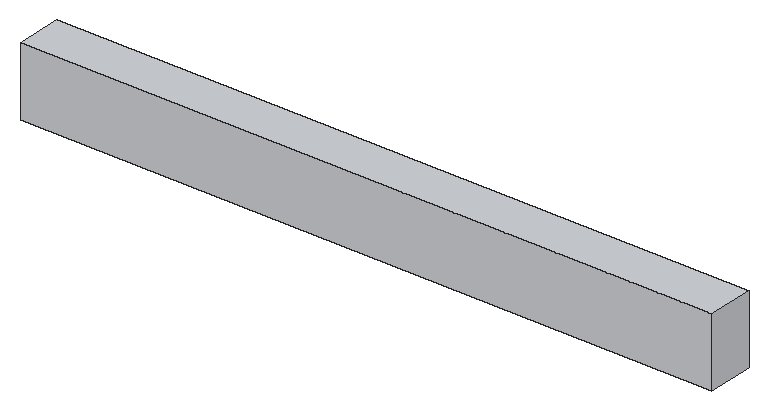
Revit family "Generico_Viga_Madeira_3000x300x200mm", category Quadro estrutural, Revit 2022
Family settings
  Arredondamento do comprimento do framing estrutural = 0 mm
  Forma do corte = Não definido
  Material para o comportamento do modelo = Outros
  Exportar sempre como geometria = Não
  Número OmniClass = 23.25.30.11.14.14
  Título OmniClass = Beams
  Sempre na vertical = Sim
  Corte com vazios quando carregada = Não
  Representação simbólica = Da família
  Compartilhado = Não
  Exibir o pré-corte da família na vista da planta = Sim
Parameters
  URL = "n/a"
  TransmitânciaTérmica = "0.14"
  Tipo de imagem = <Nenhum>
  TeorHumidade = "5 to 10 %"
  ResistênciaàTracção = "8.5 Mpa"
  ResistênciaTracçãoPerpendicular = "0.6 Mpa"
  ResistênciaFogo = "Burning rate β = 0.65 mm/min"
  ResistênciaFlexão = "310 Mpa"
  ResistênciaCorte = "3.2 Mpa"
  ResistênciaCompressãoPerpendicular = "14.8 MPa"
  ResistênciaCompressão = "59.4 MPa"
  Keynote = "n/a"
  MóduloElasticidadePerpendicular = "470 MPa"
  MóduloElasticidade = "16,800 MPa"
  MóduloDistorção = "850 MPa"
  Model = "n/a"
  MassaVolúmica = "650"
  LarguraNominal = 200 mm
  Manufacturer = "n/a"
  EmissãoFormaldeído = "E1"
  Description = "n/a"
  Código de montagem = "B1010345"
  Custo = 0
  ComprimentoNominal = 3000 mm
  Length [instance] = 3000 mm
  Type Comments = "n/a"
  ClassificaçãoFogo = "D-s2,d0"
  ClassificacaoSecclassPrVersao = "Julho 2022 - v1.14"
  ClassificacaoSecclassPrNumero = "Pr_20_85_08_33"
  ClassificacaoSecclassPrDescricao = "Vigas de madeira lamelada colada"
  AlturaNominal = 300 mm
Reference planes
  plane 1 "Center (Front/Back)": y = 0
  plane 2 "Center Elevation": z = 0
  plane 3 "Center (Left/Right)": x = 0
  plane 4 "Left": x = -1500
  plane 5 "Member Left": x = -1250
  plane 6 "Stick Symbol Left": x = -1000
  plane 7 "Right": x = 1500
  plane 8 "Member Right": x = 1250
  plane 9 "Stick Symbol Right": x = 1000
  plane 10: y = 100
  plane 11: y = -100
  plane 12: z = 150
  plane 13: z = -150
Forms (mm)
  Extrusion 1, solid, detail levels medium+fine
    sketch origin (0, 0, 0) x (0, 1, 0) y (0, 0, 1)
      loop
        line (100, 150) -> (-100, 150) -> (-100, -150) -> (100, -150) -> (100, 150)
    from -1500 to 1500
Lines and regions (mm)
  model lines, detail levels coarse
    curve 1: line (-1500, 0, 0) -> (1500, 0, 0)
Dimensions and locks
  equal spacing: plane 4 "Left", plane 3 "Center (Left/Right)", plane 7 "Right"
  "Length": plane 4 "Left" to plane 7 "Right"
  "LarguraNominal": Extrusion 1 to Extrusion 1
  "ComprimentoNominal": Extrusion 1 to Extrusion 1
  "AlturaNominal": Extrusion 1 to Extrusion 1
  aligned and locked: plane 10 to Extrusion 1 sketch curve
  aligned and locked: plane 13 to Extrusion 1 sketch curve
  aligned and locked: Extrusion 1 sketch curve to plane 11
  aligned and locked: plane 1 "Center (Front/Back)" to curve 1
  aligned and locked: level to plane 2 "Center Elevation"
  aligned and locked: Extrusion 1 to plane 7 "Right"
  aligned and locked: plane 4 "Left" to Extrusion 1
  aligned and locked: plane 4 "Left" to curve 1
  aligned and locked: plane 7 "Right" to curve 1
Automatic sketch dimensions
  Extrusion 1 sketch curve to plane 12 = 0 mm
  curve 1 to plane 4 "Left" = 0 mm
  curve 1 to plane 7 "Right" = 0 mm
